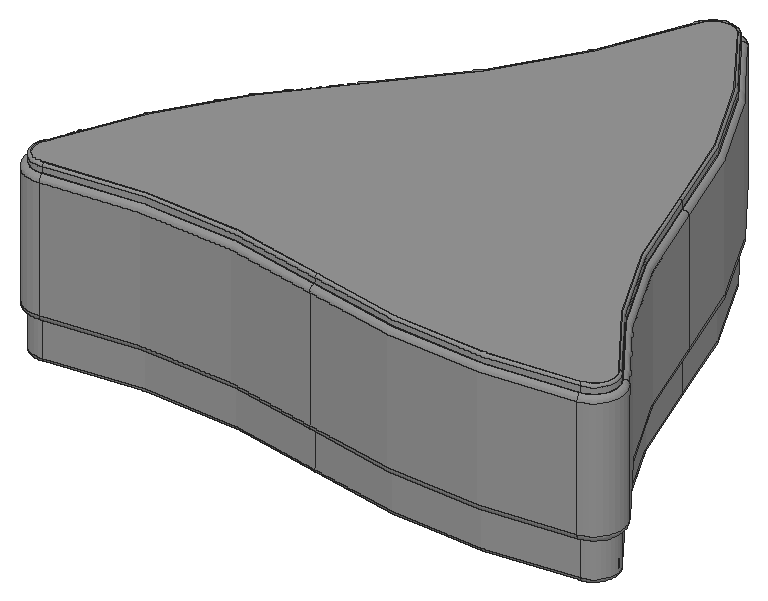
Revit family "16KST Creator Triangle Bench Lam Top", category Generic Models, Revit 2018
Family settings
  Can host rebar = No
  Round Connector Dimension = Use Diameter
  Part Type = Normal
  Work Plane-Based = No
  Always vertical = Yes
  Cut with Voids When Loaded = No
  Shared = No
  Room Calculation Point = No
Parameters
  Surface = 16KST Creator Triangle Surface
  Fabric = 16KST Creator Triangle Fabric
  Edgeband = 16KST Creator Triangle Edgeband
Reference planes (in)
  plane 1 "Center (Front/Back)": y = 0
  plane 2: z = 0
  plane 3 "Center (Left/Right)": x = 0
Forms (in)
  Extrusion 1, solid, material "16KST Creator Triangle Fabric" <- "Fabric"
    sketch origin (-0.23729, 4.17588, 0) x (1, 0, 0) y (0, 1, 0)
      loop
        arc (-26.93519, -21.12861) -> (-26.86241, -23.33585) -> (-24.81199, -24.15622) r 2.01917
        arc (-24.81199, -24.15622) -> (-12.32781, -23.03362) -> (0.10577, -24.62138) r 57.95815
        arc (0.10577, -24.62138) -> (12.23367, -26.18031) -> (24.41488, -25.11543) r 56.97269
        arc (24.41488, -25.11543) -> (25.93625, -23.78382) -> (25.54106, -21.801) r 2.01947
        arc (25.54106, -21.801) -> (18.37432, -11.60951) -> (13.56125, -0.11765) r 57.7274
        arc (13.56125, -0.11765) -> (8.81546, 11.23379) -> (1.75736, 21.31153) r 57.34226
        arc (1.75736, 21.31153) -> (-0.15647, 21.96286) -> (-1.67558, 20.62895) r 2.01916
        arc (-1.67558, 20.62895) -> (-6.91694, 9.3253) -> (-14.46434, -0.58838) r 57.65693
        arc (-14.46434, -0.58838) -> (-21.79929, -10.19093) -> (-26.93519, -21.12861) r 56.75561
    from 4 to 15.75
  Sweep 2, solid, material "16KST Creator Triangle Fabric" <- "Fabric"
    path origin (-0.23729, 4.17588, 0) x (1, 0, 0) y (0, 1, 0)
      loop
        arc (24.41488, -25.11543) -> (25.93625, -23.78382) -> (25.54106, -21.801) r 2.01947
        arc (25.54106, -21.801) -> (18.37432, -11.60951) -> (13.56125, -0.11765) r 57.7274
        arc (13.56125, -0.11765) -> (8.81546, 11.23379) -> (1.75736, 21.31153) r 57.34226
        arc (1.75736, 21.31153) -> (-0.15647, 21.96286) -> (-1.67558, 20.62895) r 2.01916
        arc (-1.67558, 20.62895) -> (-6.91694, 9.3253) -> (-14.46434, -0.58838) r 57.65693
        arc (-14.46434, -0.58838) -> (-21.79929, -10.19093) -> (-26.93519, -21.12861) r 56.75561
        arc (-26.93519, -21.12861) -> (-26.86241, -23.33585) -> (-24.81199, -24.15622) r 2.01917
        arc (-24.81199, -24.15622) -> (-12.32781, -23.03362) -> (0.10577, -24.62138) r 57.95815
        arc (0.10577, -24.62138) -> (12.23367, -26.18031) -> (24.41488, -25.11543) r 56.97269
    profile origin (11.99637, -22.00443, 0) x (-0.02032, -0.999794, 0) y (0, 0, 1)
      loop
        arc (0, 3.99728) -> (0.35451, 4.14413) -> (0.50136, 4.49864) r 0.50136
        line (0.50136, 4.49864) -> (0.50136, 15.24864)
        arc (0.50136, 15.24864) -> (0.35451, 15.60316) -> (0, 15.75) r 0.50136
        line (0, 15.75) -> (0, 3.99728)
  Extrusion 3, solid, material "16KS Trim"
    sketch origin (-0.23729, 4.17588, 0) x (1, 0, 0) y (0, 1, 0)
      loop
        arc (-24.86271, -23.90345) -> (-12.323, -22.77585) -> (0.16589, -24.37068) r 58.21596
        arc (0.16589, -24.37068) -> (12.2389, -25.92255) -> (24.365, -24.86249) r 56.71488
        arc (24.365, -24.86249) -> (25.69214, -23.70088) -> (25.3474, -21.97119) r 1.76166
        arc (25.3474, -21.97119) -> (18.14866, -11.73418) -> (13.31409, -0.191) r 57.98521
        arc (13.31409, -0.191) -> (8.58964, 11.1094) -> (1.56327, 21.14183) r 57.08445
        arc (1.56327, 21.14183) -> (-0.1062, 21.71) -> (-1.43134, 20.54641) r 1.76135
        arc (-1.43134, 20.54641) -> (-6.69613, 9.19221) -> (-14.27728, -0.7658) r 57.91475
        arc (-14.27728, -0.7658) -> (-21.58631, -10.33692) -> (-26.70079, -21.23969) r 56.49779
        arc (-26.70079, -21.23969) -> (-26.65895, -23.17687) -> (-24.86271, -23.90345) r 1.76135
    from 0.5 to 4
  Sweep 4, solid, material "16KS Trim"
    path origin (-0.23729, 4.17588, 0) x (1, 0, 0) y (0, 1, 0)
      loop
        arc (24.365, -24.86249) -> (25.69214, -23.70088) -> (25.3474, -21.97119) r 1.76166
        arc (25.3474, -21.97119) -> (18.14866, -11.73418) -> (13.31409, -0.191) r 57.98521
        arc (13.31409, -0.191) -> (8.58964, 11.1094) -> (1.56327, 21.14183) r 57.08445
        arc (1.56327, 21.14183) -> (-0.1062, 21.71) -> (-1.43134, 20.54641) r 1.76135
        arc (-1.43134, 20.54641) -> (-6.69613, 9.19221) -> (-14.27728, -0.7658) r 57.91475
        arc (-14.27728, -0.7658) -> (-21.58631, -10.33692) -> (-26.70079, -21.23969) r 56.49779
        arc (-26.70079, -21.23969) -> (-26.65895, -23.17687) -> (-24.86271, -23.90345) r 1.76135
        arc (-24.86271, -23.90345) -> (-12.323, -22.77585) -> (0.16589, -24.37068) r 58.21596
        arc (0.16589, -24.37068) -> (12.2389, -25.92255) -> (24.365, -24.86249) r 56.71488
    profile origin (12.00161, -21.74667, 0) x (-0.02032, -0.999794, 0) y (0, 0, 1)
      loop
        arc (0, 0.5) -> (0.17678, 0.57322) -> (0.25, 0.75) r 0.25
        line (0.25, 0.75) -> (0.25, 4) -> (0, 4) -> (0, 0.5)
  Revolve 5, solid, material "16KS Glides"
    sketch origin (-24.04836, 24.17792, 0) x (1, 0, 0) y (0, 0, -1)
      loop
        line (24.04449, -0.5) -> (24.41949, -0.5) -> (24.41949, -0.25)
        arc (24.41949, -0.25) -> (24.34627, -0.07322) -> (24.16949, 0) r 0.25
        line (24.16949, 0) -> (24.04449, 0) -> (24.04449, -0.5)
      axis (24.04449, 0) -> (24.04449, -0.5)
    angle from 0 to 360
  Revolve 6, solid, material "16KS Glides"
    sketch origin (-0.23701, -18.96622, 0) x (1, 0, 0) y (0, 0, -1)
      loop
        line (24.04449, -0.5) -> (24.41949, -0.5) -> (24.41949, -0.25)
        arc (24.41949, -0.25) -> (24.34627, -0.07322) -> (24.16949, 0) r 0.25
        line (24.16949, 0) -> (24.04449, 0) -> (24.04449, -0.5)
      axis (24.04449, 0) -> (24.04449, -0.5)
    angle from 0 to 360
  Revolve 7, solid, material "16KS Glides"
    sketch origin (-49.50455, -18.01238, 0) x (1, 0, 0) y (0, 0, -1)
      loop
        line (24.04449, -0.5) -> (24.41949, -0.5) -> (24.41949, -0.25)
        arc (24.41949, -0.25) -> (24.34627, -0.07322) -> (24.16949, 0) r 0.25
        line (24.16949, 0) -> (24.04449, 0) -> (24.04449, -0.5)
      axis (24.04449, 0) -> (24.04449, -0.5)
    angle from 0 to 360
  Extrusion 8, solid, material "16KST Creator Triangle Surface" <- "Surface"
    sketch origin (-1.78789, -3.20157, 0) x (1, 0, 0) y (0, 1, 0)
      loop
        arc (1.71649, -16.99323) -> (13.7895, -18.5451) -> (25.91559, -17.48504) r 56.71488
        arc (25.91559, -17.48504) -> (27.24274, -16.32343) -> (26.898, -14.59374) r 1.76166
        arc (26.898, -14.59374) -> (19.69925, -4.35673) -> (14.86468, 7.18645) r 57.98521
        arc (14.86468, 7.18645) -> (10.14023, 18.48685) -> (3.11387, 28.51928) r 57.08445
        arc (3.11387, 28.51928) -> (1.4444, 29.08745) -> (0.11926, 27.92386) r 1.76135
        arc (0.11926, 27.92386) -> (-5.14554, 16.56966) -> (-12.72669, 6.61165) r 57.91475
        arc (-12.72669, 6.61165) -> (-20.03572, -2.95947) -> (-25.1502, -13.86224) r 56.49779
        arc (-25.1502, -13.86224) -> (-25.10836, -15.79941) -> (-23.31212, -16.526) r 1.76135
        arc (-23.31212, -16.526) -> (-10.77241, -15.3984) -> (1.71649, -16.99323) r 58.21596
    from 15.75 to 16.5
  Sweep 9, solid, material "16KST Creator Triangle Edgeband" <- "Edgeband"
    path origin (-1.78789, -3.20157, 0) x (1, 0, 0) y (0, 1, 0)
      loop
        arc (14.86468, 7.18645) -> (10.14023, 18.48685) -> (3.11387, 28.51928) r 57.08445
        arc (3.11387, 28.51928) -> (1.4444, 29.08745) -> (0.11926, 27.92386) r 1.76135
        arc (0.11926, 27.92386) -> (-5.14554, 16.56966) -> (-12.72669, 6.61165) r 57.91475
        arc (-12.72669, 6.61165) -> (-20.03572, -2.95947) -> (-25.1502, -13.86224) r 56.49779
        arc (-25.1502, -13.86224) -> (-25.10836, -15.79941) -> (-23.31212, -16.526) r 1.76135
        arc (-23.31212, -16.526) -> (-10.77241, -15.3984) -> (1.71649, -16.99323) r 58.21596
        arc (1.71649, -16.99323) -> (13.7895, -18.5451) -> (25.91559, -17.48504) r 56.71488
        arc (25.91559, -17.48504) -> (27.24274, -16.32343) -> (26.898, -14.59374) r 1.76166
        arc (26.898, -14.59374) -> (19.69925, -4.35673) -> (14.86468, 7.18645) r 57.98521
    profile origin (17.91137, -7.5583, 0) x (0.875294, 0.48359, 0) y (0, 0, 1)
      loop
        line (0, 15.75) -> (0.25, 15.75) -> (0.25, 16.25)
        arc (0.25, 16.25) -> (0.17678, 16.42678) -> (0, 16.5) r 0.25
        line (0, 16.5) -> (0, 15.75)
Dimensions and locks (in)
  aligned and locked: plane 2 to level
